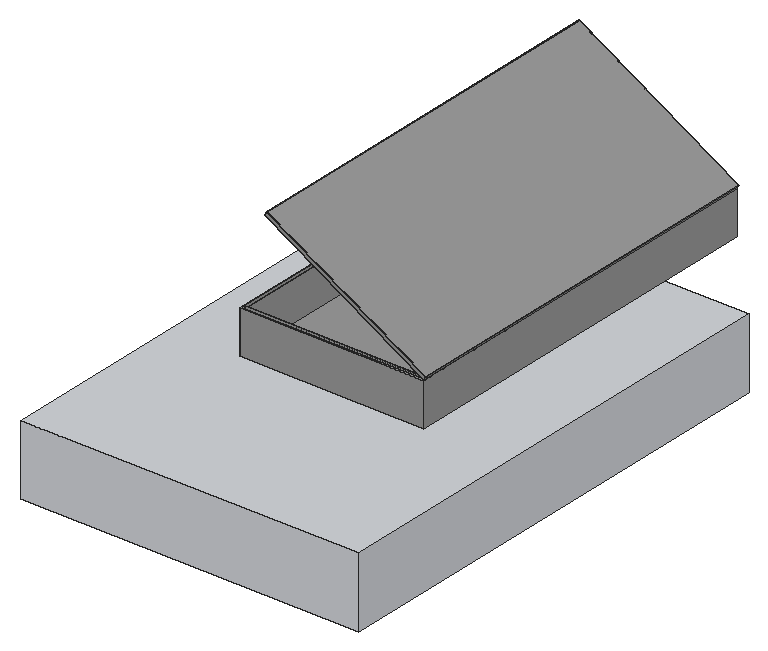
Revit family "Hager-Univers-IP44-D205-H1700-Cl.II-Encl-CH-fr", category Equipement électrique, Revit 2020
Family settings
  Hôte = Face
  Configuration du panneau = Deux colonnes, circuits au sein
  Cote de connecteur circulaire = Utiliser le diamètre
  Type d'élément = Tableau de raccordement
  Couper avec des vides une fois chargée = Non
  Partagée = Non
  Point de calcul de pièce = Non
Parameters (values of type "saillie IP44 L800 H1700 P205  - FP13SN2")
  Width Control [instance] = if([EF000008 - largeur] > Min Width, [EF000008 - largeur], Min Width)  # 800 mm
  Commentaires du type = [HG000003 - Gamme]  # "Univers"
  Thickness Door [instance] = if([EF009171 - épaisseur de matériau de la porte/du couvercle] > 3 mm, 3 mm, [EF009171 - épaisseur de matériau de la porte/du couvercle])  # 1 mm
  Seal Frame Offset [instance] = 17 mm  # constant formula
  Plinth Visibility [instance] = [HG000027 - Hauteur du socle] > 0 mm  # no
  Model = ""
  Min Width [instance] = 100 mm  # constant formula
  Min Height [instance] = 100 mm  # constant formula
  Min Depth [instance] = (2 * [EF009170 - épaisseur de matériau du boîtier]) + 1 mm  # 3 mm
  Internal Frame Depth [instance] = (Door System Depth * 0.5)  # 9 mm
  Height Control [instance] = if([EF000040 - hauteur] > Min Height, [EF000040 - hauteur], Min Height)  # 1700 mm
  HG000027 - Hauteur du socle = 0 mm
  HG000026 - Installation au sol = no
  HG000024 - Hauteur de la section basse = 800 mm
  HG000023 - Armoire double section = no
  HG000016 - Visibilité de la porte 3D [instance] = yes
  HG000015 - Visibilité de l'emprise de la porte [instance] = no
  HG000014 - Porte à droite [instance] = yes
  HG000013 - Porte à gauche [instance] = not([HG000014 - Porte à droite])  # no
  HG000012 - Angle de pivotement de la porte [instance] = 30.00°
  HG000010 - Portes asymétriques = no
  HG000009 - Porte à double battant = no
  HG000006 - Encastré = no
  HG000004 - Référence fabricant = "FP13SN2"
  HG000003 - Gamme = "Univers"
  HG000002 - avec porte = yes
  Frame Offset Bottom [instance] = 10 mm  # constant formula
  Frame Offset [instance] = 15 mm  # constant formula
  EF015940 - couvercle avec décharge de pression = no
  EF011959 - degré de protection (NEMA) = ""
  EF009554 - nombre d'ouvertures pour plaques à bride = 6
  Fabricant = "Hager"  # constant formula
  EF009212 - finition du couvercle = "EV000116 - fermé"
  EF009171 - épaisseur de matériau de la porte/du couvercle = 1 mm
  EF009170 - épaisseur de matériau du boîtier = 1 mm
  EF008873 - courant nominal (In) = 400 A
  EF007800 - adapté à un parafoudre = no
  EF006306 - avec serrure = no
  EF006244 - couvercle/porte transparent(e) = no
  EF005474 - indice de protection (IP) = "EV006418 - IP44"
  EF004464 - type de porte = "EV002646 - unique"
  EF004427 - nombre de modules = 396
  EF004293 - indice de protection contre les chocs (IK) = "EV006815 - IK09"
  EF003532 - convient pour utilisation à l’extérieur = no
  EF002950 - largeur en nombre de modules = 36
  EF001613 - maintien de fonction = "EV000494 - sans"
  EF001596 - matériau du boîtier/corps = "EV000179 - acier"
  EF001131 - profondeur intérieure = 143 mm
  EF001088 - possibilité de montage en saillie = yes
  EF000437 - nombre d'entrées de conduit = 6
  EF000339 - type de capot = "EV001012 - couvercle"
  EF000266 - nombre de rangées = 11
  EF000218 - profondeur d'encastrement = 205 mm
  EF000118 - avec cadre/support de montage = no
  EF000116 - numéro RAL = "9010"
  EF000049 - profondeur = 205 mm
  EF000040 - hauteur = 1700 mm
  EF000008 - largeur = 800 mm
  EF000007 - couleur = "EV000202 - blanc"
  EF000003 - mode de pose = "EV000384 - saillie"
  Door System Leaf Tolerance [instance] = 1.5 mm  # constant formula
  Door System Depth [instance] = 18 mm  # constant formula
  Door Height [instance] = Height Control - [HG000027 - Hauteur du socle]  # 1700 mm
  Depth Control [instance] = if([EF000049 - profondeur] > Min Depth, [EF000049 - profondeur], Min Depth)  # 205 mm
  Default Elevation = 0 mm
  Connector Offset [instance] = Height Control / 2  # 850 mm
  Bottom Top Plate Trim [instance] = 1.5 mm  # constant formula
  Plinth height Ctrl [instance] = if([HG000027 - Hauteur du socle] > 0 mm, [HG000027 - Hauteur du socle], 12 mm)  # 12 mm
Types (5, lengths in mm): name | Width Control | HG000010 - Portes asymétriques | HG000009 - Porte à double battant | HG000004 - Référence fabricant | EF009554 - nombre d'ouvertures pour plaques à bride | EF008873 - courant nominal (In) | EF004464 - type de porte | EF004427 - nombre de modules | EF002950 - largeur en nombre de modules | EF000437 - nombre d'entrées de conduit | EF000008 - largeur
  saillie IP44 L1050 H1700 P205  - FP14SN2 | 1050 | no | yes | "FP14SN2" | 8 | 400 A | "EV003602 - double" | 528 | 48 | 8 | 1050
  saillie IP44 L1300 H1700 P205  - FP15SN2 | 1300 | yes | yes | "FP15SN2" | 10 | 400 A | "EV003602 - double" | 660 | 60 | 10 | 1300
  saillie IP44 L300 H1700 P205  - FP11SN2 | 300 | no | no | "FP11SN2" | 2 | 250 A | "EV002646 - unique" | 132 | 12 | 2 | 300
  saillie IP44 L550 H1700 P205  - FP12SN2 | 550 | no | no | "FP12SN2" | 4 | 250 A | "EV002646 - unique" | 264 | 24 | 4 | 550
  saillie IP44 L800 H1700 P205  - FP13SN2 | 800 | no | no | "FP13SN2" | 6 | 400 A | "EV002646 - unique" | 396 | 36 | 6 | 800
Reference planes
  plane 1 "Center (Front/Back)": y = 0
  plane 2: z = 0
  plane 3 "Center (Left/Right)": x = 0
  plane 4: z = 205
  plane 5: y = 1
  plane 6: y = 850
  plane 7: y = 0
  plane 8: y = 1700
  plane 9: z = 0
  plane 10: x = -385
  plane 11: x = 385
  plane 12: x = 384
  plane 13: x = -384
  plane 14: y = 1699
  plane 15: x = -383
  plane 16: x = -400
  plane 17: x = 383
  plane 18: x = 400
  plane 19: x = 399
  plane 20: x = -399
  plane 21: y = 11
  plane 22: y = 1700
  plane 23: y = 1684
  plane 24: z = 187
  plane 25: z = 1
  plane 26: z = 186
  plane 27: z = 204
Forms (mm)
  Extrusion 1, solid
    sketch origin (0, 0, 0) x (1, 0, 0) y (0, 1, 0)
      loop
        line (-702.964, 1305) -> (-702.964, -811.445) -> (766.763, -811.445) -> (766.763, 1305) -> (-702.964, 1305)
    from 0 to -304.8
  Extrusion 2, solid, material "Hager_Steel_RAL7035_Light_Grey", visible <- "Plinth Visibility", detail levels medium+fine
    sketch origin (0, 0, 0) x (1, 0, 0) y (0, 1, 0)
      loop
        line (-400, 0) -> (400, 0) -> (400, 12) -> (-400, 12) -> (-400, 0)
    from 0 to 187
  Extrusion 3, solid, material "Hager_Steel_RAL7035_Light_Grey", detail levels medium+fine
    sketch origin (0, 0, 0) x (1, 0, 0) y (0, 1, 0)
      loop
        line (-400, 0) -> (400, 0) -> (400, 1700) -> (-400, 1700) -> (-400, 0)
    from 0 to 187
  Extrusion 4, void
    sketch origin (0, 0, 0) x (1, 0, 0) y (0, 1, 0)
      loop
        line (-399, 1) -> (399, 1) -> (399, 1699) -> (-399, 1699) -> (-399, 1)
    from 1 to 186
  Extrusion 5, void
    sketch origin (-381.607, -4572, 187) x (0, -1, 0) y (-1, 0, 0)
      loop
        line (-4583, 2.393) -> (-6256, 2.393) -> (-6256, -765.607) -> (-4583, -765.607) -> (-4583, 2.393)
    from 0 to 1 <- "EF009170 - épaisseur de matériau du boîtier"
  Extrusion 6, solid, material "Hager_Steel_RAL7035_Light_Grey", detail levels fine
    sketch origin (0, 0, 187) x (1, 0, 0) y (0, 1, 0)
      loop
        line (-384, 1684) -> (-384, 11) -> (384, 11) -> (384, 1684) -> (-384, 1684)
      loop
        line (-385, 10) -> (385, 10) -> (385, 1685) -> (-385, 1685) -> (-385, 10)
    from 0 to 9 <- "Internal Frame Depth"
  Extrusion 7, solid, material "Hager_Steel_RAL7035_Light_Grey", detail levels coarse
    sketch origin (0, 0, 0) x (1, 0, 0) y (0, 1, 0)
      loop
        line (-400, 0) -> (400, 0) -> (400, 1700) -> (-400, 1700) -> (-400, 0)
    from 0 to 205
  Sweep 8, void
    path in 3D
      loop
        line (-400, 12, 0) -> (400, 12, 0) -> (400, 12, 187) -> (-400, 12, 187) -> (-400, 12, 0)
    profile origin (-400, 12, 93.5) x (-1, 0, 0) y (0, -1, 0)
      loop
        line (0, 0) -> (0, 1.5) -> (-1.5, 1.5)
        arc (-1.5, 1.5) -> (-1.061, 0.439) -> (0, 0) r 1.5
Cuts and joins
  Extrusion 4, Extrusion 5 cuts Extrusion 3
  Sweep 8 cuts Extrusion 2
Lines and regions (mm)
  Masking region 1
    outline origin (0, 0, 0) x (1, 0, 0) y (0, 0, 1)
      loop
        line (-400, 205) -> (-400, 0) -> (400, 0) -> (400, 205) -> (-400, 205)
  Masking region 2, detail levels medium+fine
    outline origin (0, 140, 0) x (0, 1, 0) y (0, 0, 1)
      loop
        line (-140, 0) -> (1560, 0) -> (1560, 187) -> (-140, 187) -> (-140, 0)
  Masking region 3, not visible, detail levels medium+fine
    outline origin (0, 297.922, 0) x (0, 1, 0) y (0, 0, 1)
      loop
        line (563.578, 0) -> (603.578, 0) -> (603.578, 194)
        arc (603.578, 194) -> (600.649, 201.071) -> (593.578, 204) r 10
        line (593.578, 204) -> (563.578, 204) -> (563.578, 0)
  Masking region 4, detail levels coarse
    outline origin (0, 0, 180) x (0, 1, 0) y (0, 0, 1)
      loop
        line (0, -180) -> (1700, -180) -> (1700, 25) -> (0, 25) -> (0, -180)
  Masking region 5, visible <- "Plinth Visibility", detail levels medium+fine
    outline origin (0, 52.24, 12.345) x (0, 0, -1) y (0, 1, 0)
      loop
        line (10.845, -40.24) -> (-173.155, -40.24)
        arc (-173.155, -40.24) -> (-173.594, -41.301) -> (-174.655, -41.74) r 1.5
        line (-174.655, -41.74) -> (-174.655, -52.24) -> (12.345, -52.24) -> (12.345, -41.74)
        arc (12.345, -41.74) -> (11.285, -41.301) -> (10.845, -40.24) r 1.5
  Masking region 6, detail levels medium+fine
    outline origin (-381.607, -4572, 187) x (-1, 0, 0) y (0, -1, 0)
      loop
        line (18.393, -6272) -> (18.393, -4572) -> (-781.607, -4572) -> (-781.607, -6272) -> (18.393, -6272)
  Masking region 7, visible <- "Plinth Visibility", detail levels medium+fine
    outline origin (-381.607, -4727, 187) x (-1, 0, 0) y (0, -1, 0)
      loop
        arc (16.893, -4739) -> (17.332, -4737.939) -> (18.393, -4737.5) r 1.5
        line (18.393, -4737.5) -> (18.393, -4727) -> (-781.607, -4727) -> (-781.607, -4737.5)
        arc (-781.607, -4737.5) -> (-780.546, -4737.939) -> (-780.107, -4739) r 1.5
        line (-780.107, -4739) -> (16.893, -4739)
  Masking region 8, detail levels coarse
    outline origin (-442.548, -4669.526, 187) x (-1, 0, 0) y (0, -1, 0)
      loop
        line (-42.548, -6369.526) -> (-42.548, -4669.526) -> (-842.548, -4669.526) -> (-842.548, -6369.526) -> (-42.548, -6369.526)
  sketch lines
    curve 1: line (-400, 12, 187) -> (-400, 12, 0)
    curve 2: line (400, 12, 187) -> (-400, 12, 187)
    curve 3: line (400, 12, 187) -> (400, 12, 0)
    curve 4: line (-400, 12, 0) -> (400, 12, 0)
Dimensions and locks
  "Depth Control": plane 4 to Extrusion 1
  "HG000027 - Hauteur du socle": plane 1 "Center (Front/Back)" to plane 7
  "EF009170 - épaisseur de matériau du boîtier": plane 5 to plane 7
  locked: connector elem to plane 3 "Center (Left/Right)"
  equal spacing: plane 8, plane 6, plane 7
  locked: connector elem to plane 6
  "EF009170 - épaisseur de matériau du boîtier": plane 8 to plane 14
  "EF009170 - épaisseur de matériau du boîtier": plane 10 to plane 13
  "EF009170 - épaisseur de matériau du boîtier": plane 12 to plane 11
  "Frame Offset": plane 20 to plane 13
  "Frame Offset": plane 12 to plane 19
  "EF009170 - épaisseur de matériau du boîtier": plane 16 to plane 20
  "EF009170 - épaisseur de matériau du boîtier": plane 19 to plane 18
  "Seal Frame Offset": plane 16 to plane 15
  "Seal Frame Offset": plane 17 to plane 18
  "Frame Offset Bottom": plane 21 to plane 5
  "Frame Offset": plane 14 to plane 23
  equal spacing: plane 16, plane 3 "Center (Left/Right)", plane 18
  "Width Control": plane 16 to plane 18
  "EF009170 - épaisseur de matériau du boîtier": plane 4 to plane 27
  "EF009170 - épaisseur de matériau du boîtier": plane 24 to plane 26
  "EF009170 - épaisseur de matériau du boîtier": plane 25 to level
  "Door System Depth": plane 4 to plane 24
  "Height Control": plane 1 "Center (Front/Back)" to Extrusion 7 sketch curve
  "Height Control": Masking region 4 sketch curve to plane 1 "Center (Front/Back)"
  "Height Control": plane 1 "Center (Front/Back)" to plane 22
  "Bottom Top Plate Trim": profile plane to Sweep 8 sketch curve
  "Bottom Top Plate Trim": Sweep 8 sketch curve to profile plane
  "Plinth height Ctrl": plane 1 "Center (Front/Back)" to Extrusion 2 sketch curve
  "Plinth height Ctrl": Masking region 5 sketch curve to plane 1 "Center (Front/Back)"
  "Plinth height Ctrl": plane 1 "Center (Front/Back)" to Masking region 7 sketch curve
  "Thickness Door": Extrusion 6 sketch curve to Extrusion 6 sketch curve  (x3)
  "Thickness Door": cut or joined group of Extrusion 3, Extrusion 4, Extrusion 5 to Extrusion 6 sketch curve
  radius of Masking region 3 sketch curve = 10 mm
  "Bottom Top Plate Trim": radius of Masking region 5 sketch curve  (x2)
  "Bottom Top Plate Trim": radius of Sweep 8 sketch curve
  "Bottom Top Plate Trim": radius of Masking region 7 sketch curve  (x2)
  aligned and locked: plane 2 to Extrusion 1
  aligned and locked: level to Extrusion 1
  aligned and locked: level to Masking region 1 sketch curve
  aligned and locked: Masking region 1 sketch curve to plane 18
  aligned and locked: Masking region 1 sketch curve to plane 16
  aligned and locked: plane 7 to Masking region 2 sketch curve
  aligned and locked: level to Masking region 3 sketch curve
  aligned and locked: Masking region 3 sketch curve to plane 27
  aligned and locked: level to Masking region 2 sketch curve
  aligned and locked: plane 1 "Center (Front/Back)" to Extrusion 2 sketch curve
  aligned and locked: Extrusion 3 sketch curve to plane 7
  aligned and locked: plane 16 to Extrusion 3 sketch curve
  aligned and locked: plane 18 to Extrusion 3 sketch curve
  aligned and locked: plane 20 to Extrusion 4 sketch curve
  aligned and locked: plane 19 to Extrusion 4 sketch curve
  aligned and locked: Extrusion 4 sketch curve to plane 5
  aligned and locked: Extrusion 4 to plane 25
  aligned and locked: plane 26 to Extrusion 4
  aligned and locked: plane 24 to Extrusion 3
  aligned and locked: Extrusion 5 sketch curve to plane 21
  aligned and locked: Extrusion 5 sketch curve to plane 13
  aligned and locked: Extrusion 5 sketch curve to plane 12
  aligned and locked: plane 18 to Extrusion 7 sketch curve
  aligned and locked: plane 1 "Center (Front/Back)" to Extrusion 7 sketch curve
  aligned and locked: plane 16 to Extrusion 7 sketch curve
  aligned and locked: plane 4 to Extrusion 7
  aligned and locked: Extrusion 7 to level
  aligned and locked: level to Masking region 4 sketch curve
  aligned and locked: Masking region 4 sketch curve to plane 1 "Center (Front/Back)"
  aligned and locked: Masking region 4 sketch curve to plane 4
  aligned and locked: nested 1 to level
  aligned and locked: nested 1 to plane 16
  aligned and locked: plane 8 to Extrusion 3 sketch curve
  aligned and locked: plane 23 to Extrusion 5 sketch curve
  aligned and locked: plane 14 to Extrusion 4 sketch curve
  aligned and locked: Masking region 2 sketch curve to plane 8
  aligned and locked: level to Masking region 5 sketch curve
  aligned and locked: plane 16 to Extrusion 2 sketch curve
  aligned and locked: plane 18 to Extrusion 2 sketch curve
  aligned and locked: Masking region 5 sketch curve to plane 24
  aligned and locked: Masking region 2 sketch curve to plane 24
  aligned and locked: plane 24 to Extrusion 2
  aligned and locked: profile plane to Sweep 8 sketch curve  (x2)
  aligned and locked: Masking region 6 sketch curve to plane 18
  aligned and locked: Masking region 6 sketch curve to plane 22
  aligned and locked: Masking region 6 sketch curve to plane 16
  aligned and locked: plane 8 to plane 22
  aligned and locked: Masking region 6 sketch curve to plane 7
  aligned and locked: Masking region 7 sketch curve to plane 16
  aligned and locked: Masking region 7 sketch curve to plane 1 "Center (Front/Back)"
  aligned and locked: Masking region 7 sketch curve to plane 18
  aligned and locked: Masking region 8 sketch curve to plane 1 "Center (Front/Back)"
  aligned and locked: Masking region 8 sketch curve to plane 18
  aligned and locked: Masking region 8 sketch curve to plane 22
  aligned and locked: Masking region 8 sketch curve to plane 16
  aligned and locked: nested 2 to plane 7
  aligned and locked: plane 3 "Center (Left/Right)" to nested 2
  aligned and locked: nested 2 to plane 24
  aligned and locked: Extrusion 6 sketch curve to cut or joined group of Extrusion 3, Extrusion 4, Extrusion 5  (x4)
Automatic sketch dimensions
  Extrusion 1 sketch curve to Extrusion 1 sketch curve = 1469.727 mm
  Extrusion 1 sketch curve to Extrusion 1 sketch curve = 2116.445 mm
  Masking region 1 sketch curve to plane 4 = 0 mm
  plane 6 to Masking region 3 sketch curve = 11.5 mm
  Masking region 3 sketch curve to Masking region 3 sketch curve = 30 mm
  Masking region 5 sketch curve to plane 1 "Center (Front/Back)" = 0 mm
Nested families
  nested 1: "Hager_Enclosure_Symbol" at (-400, 0, 0) x (1, 0, 0) z (0, -1, 0), Height <- "Depth Control", Width <- "Width Control", type "Hager_Enclosure_Symbol"
    with Width_Ctrl 800 mm, Width 800 mm, Height_Ctrl 205 mm, Height 205 mm, A_Width_Int 13.453 mm, A_Width 161.438 mm, A_Height_Ctrl 179.375 mm, A_Height 179.375 mm
  nested 2: "EC000058_Univers_Door" at (0, 0, 187) x (1, 0, 0) z (0, 1, 0), Leaf_Tolerance <- "Door System Leaf Tolerance", Angle <- "HG000012 - Angle de pivotement de la porte", Door_Depth <- "Door System Depth", Door_Left <- "HG000013 - Porte à gauche", Transparent <- "EF006244 - couvercle/porte transparent(e)", Assymetrical <- "HG000010 - Portes asymétriques", Width <- "Width Control", Clearance <- "HG000015 - Visibilité de l'emprise de la porte", Double <- "HG000009 - Porte à double battant", 3d_Door <- "HG000016 - Visibilité de la porte 3D", Lock_Visibility <- "EF006306 - avec serrure", Width_Ctrl <- "Width Control", Door_Right <- "HG000014 - Porte à droite", Door <- "HG000002 - avec porte", Height <- "Door Height", Thickness <- "Thickness Door", type "EC000058_Univers_Door", detail levels medium+fine
    with min_wh 3 mm, Width_Ctrl 800 mm, Width 800 mm, Transparent no, Thickness 1 mm, Seal_Material Hager_Rubber, Lock_Visibility no, Lock_Material Hager_Plastic_RAL9005_Jet_Black, Leaf_Width 800 mm, Leaf_Tolerance_External_Sides 0 mm, Leaf_Tolerance 1.5 mm, Leaf_Offset 0 mm, Leaf_Height 1697 mm, Leaf_2_Width 800 mm, Leaf_2_Offset 400 mm, Leaf_1_Width 800 mm, Leaf_1_Offset 400 mm, Height_Ctrl 1700 mm, Height 1700 mm, Glass_Material Hager_Glass, Double_Clearance_Ctrl no, Double no, Door_Right_Ctrl yes, Door_Right yes, Door_Material Hager_Steel_RAL7035_Light_Grey, Door_Left_Ctrl no, Door_Left no, Door_Depth 18 mm, Door yes, Clearance_Material Hager_Clearance, Clearance_Depth 800 mm, Clearance_Ctrl no, Clearance no, Assymetrical no, Angle 30.00°, 3d_Door yes
Connectors
  electrical at (0, 850, 0)
    settings: on plane 9, index 1, voltage 0 V, apparent load 0 VA, apparent load phase1 0 VA, apparent load phase2 0 VA, apparent load phase3 0 VA, power factor 1, load classification "Other", number of poles 1, system type 30, power factor state 1, is connector primary yes, connector utility no, sub classification motor no, connector description ""
Definition of nested family "EC000058_Univers_Door"
  Parameters (values of type "EC000058_Univers_Door")
    min_wh [instance] = (2 * Thickness) + 1 mm  # 11 mm
    Width_Ctrl [instance] = 400 mm
    Width [instance] = 500 mm
    Transparent [instance] = yes
    Thickness [instance] = 5 mm
    Seal_Material [instance] = none
    Lock_Visibility [instance] = yes
    Lock_Material [instance] = none
    Leaf_Width [instance] = if((Width_Ctrl - 2 * Leaf_Tolerance_External_Sides) > 0 mm, (Width_Ctrl - 2 * Leaf_Tolerance_External_Sides), min_wh)  # 400 mm
    Leaf_Tolerance_External_Sides [instance] = 0 mm  # constant formula
    Leaf_Tolerance [instance] = 1.5 mm
    Leaf_Offset [instance] = 0 mm  # constant formula
    Leaf_Height [instance] = if((Height_Ctrl - 2 * Leaf_Tolerance) > 0 mm, (Height_Ctrl - 2 * Leaf_Tolerance), min_wh)  # 497 mm
    Leaf_2_Width [instance] = if(and(and(Double, Assymetrical), Door_Left), (Leaf_Width / 3) - (Leaf_Tolerance / 2), if(and(and(Double, Assymetrical), Door_Right), (Leaf_Width / 3) * 2 - (Leaf_Tolerance / 2), if(and(Double, not(Assymetrical)), (Leaf_Width / 2) - Leaf_Tolerance, Leaf_Width)))  # 400 mm
    Leaf_2_Offset [instance] = if(and(Double, Assymetrical), Leaf_2_Width / 2, if(and(Double, not(Assymetrical)), Leaf_Width / 4, Leaf_Width / 2))  # 200 mm
    Leaf_1_Width [instance] = if(and(and(Double, Assymetrical), Door_Right), (Leaf_Width / 3) - (Leaf_Tolerance / 2), if(and(and(Double, Assymetrical), Door_Left), (Width / 3) * 2 - (Leaf_Tolerance / 2), if(and(Double, not(Assymetrical)), (Leaf_Width / 2) - Leaf_Tolerance, Leaf_Width)))  # 400 mm
    Leaf_1_Offset [instance] = if(and(Double, Assymetrical), Leaf_1_Width / 2, if(and(Double, not(Assymetrical)), Leaf_Width / 4, Leaf_Width / 2))  # 200 mm
    Height_Ctrl [instance] = if(Height > min_wh, Height, min_wh)  # 500 mm
    Height [instance] = 500 mm
    Glass_Material [instance] = none
    Double_Clearance_Ctrl [instance] = and(Double, Clearance)  # no
    Double [instance] = no
    Door_Right_Ctrl [instance] = and(or(Door_Right, Double), Door)  # yes
    Door_Right [instance] = yes
    Door_Material [instance] = none
    Door_Left_Ctrl [instance] = and(or(Door_Left, Double), Door)  # no
    Door_Left [instance] = no
    Door_Depth [instance] = 30 mm
    Door [instance] = yes
    Default Elevation = 1219.2 mm
    Clearance_Material [instance] = none
    Clearance_Depth [instance] = if(Leaf_1_Width > Leaf_2_Width, Leaf_1_Width, Leaf_2_Width)  # 400 mm
    Clearance_Ctrl [instance] = and(not(Double), Clearance)  # yes
    Clearance [instance] = yes
    Assymetrical [instance] = yes
    Angle [instance] = 30.00°
    3d_Door [instance] = yes
  Reference planes
    plane 1 "Center (Front/Back)": y = 0
    plane 2 "Bottom": z = 0
    plane 3 "Center (Left/Right)": x = 0
    plane 4: z = 500
    plane 5: x = -200
    plane 6: x = 200
    plane 7: z = 500
    plane 8: x = -200
    plane 9: z = 0
    plane 10: x = 200
    plane 11: y = 0
    plane 12: z = 1.5
    plane 13: x = -600
    plane 14: y = -400
    plane 15: x = 600
    plane 16: x = 0
    plane 17: x = 0
    plane 18: x = -200
    plane 19: x = 200
    plane 20: z = 498.5
  Forms (mm)
    Extrusion 1, solid, material <- "Clearance_Material", visible <- "Double_Clearance_Ctrl"
      sketch origin (1200, 0, 0) x (1, 0, 0) y (0, 0, -1)
        loop
          line (-1800, -498.5) -> (-600, -498.5) -> (-600, 0) -> (-1800, 0) -> (-1800, -498.5)
      from 0 to -400
  Dimensions and locks
    equal spacing: plane 5, plane 3 "Center (Left/Right)", plane 6
    "Width_Ctrl": plane 5 to plane 6
    "Leaf_Offset": plane 5 to plane 8
    "Leaf_Offset": plane 6 to plane 10
    "Leaf_Offset": plane 9 to level
    "Leaf_Offset": plane 4 to plane 7
    "Height_Ctrl": plane 4 to level
    "Leaf_Tolerance": plane 12 to plane 9
    locked: plane 11 to plane 1 "Center (Front/Back)"
    "Leaf_1_Offset": plane 18 to plane 16
    "Leaf_2_Offset": plane 17 to plane 19
    "Leaf_1_Width": plane 13 to plane 8
    "Leaf_2_Width": plane 10 to plane 15
    "Clearance_Depth": plane 14 to plane 1 "Center (Front/Back)"
    "Leaf_Tolerance_External_Sides": plane 8 to plane 18
    "Leaf_Tolerance_External_Sides": plane 19 to plane 10
    "Leaf_Tolerance": plane 7 to plane 20
    aligned and locked: level to plane 2 "Bottom"
    aligned and locked: nested 1 to plane 16
    aligned and locked: nested 2 to plane 17
    aligned and locked: Extrusion 1 to plane 13
    aligned and locked: plane 15 to Extrusion 1
    aligned and locked: Extrusion 1 to plane 14
    aligned and locked: plane 12 to nested 1
    aligned and locked: nested 2 to plane 12
    aligned and locked: Extrusion 1 to plane 11
    aligned and locked: plane 20 to Extrusion 1
    aligned and locked: nested 2 to plane 11
    aligned and locked: nested 1 to plane 11
  Automatic sketch dimensions
    Extrusion 1 sketch curve to level = 0 mm
    plane 5 to Extrusion 1 sketch curve = 400 mm
    plane 6 to Extrusion 1 sketch curve = 400 mm
    Extrusion 1 sketch curve to plane 4 = 1.5 mm
  Nested families
    nested 1: "EC000058_Univers_Door_Leaf" at (0, 0, 1.5), Width <- "Leaf_1_Width", visible <- "Door_Left_Ctrl", Leaf_Height <- "Leaf_Height", Angle <- "Angle", 3d_Door <- "3d_Door", Transparent <- "Transparent", Clearance Material <- "Clearance_Material", Clearance <- "Clearance_Ctrl", Door_Material <- "Door_Material", Glass_Material <- "Glass_Material", Door_Depth <- "Door_Depth", Lock_Material <- "Lock_Material", Seal_Material <- "Seal_Material", Lock_Visibility <- "Lock_Visibility", Thickness <- "Thickness", type "EC000058_Univers_Door_Leaf"
      with Width 400 mm, Transparent_Glass_Offset 30 mm, Transparent_Ctrl yes, Transparent yes, Thickness 5 mm, Standard no, Seal_Material none, Seal_D2 8 mm, Seal_D1 1 mm, Offset_Internal_Frame 10 mm, Lock_Width 20 mm, Lock_Visibility_3d yes, Lock_Visibility yes, Lock_Thickness_3 3 mm, Lock_Thickness_2 1 mm, Lock_Thickness_1 3 mm, Lock_Radius_Offset_2 16 mm, Lock_Radius_Offset_1 15 mm, Lock_Radius_2 5 mm, Lock_Radius 6 mm, Lock_Offset 5 mm, Lock_Material none, Lock_Height 80 mm, Lock_Cover_Top_Offset_2d 17 mm, Lock_Cover_Height -65 mm, Leaf_Height 497 mm, Internal_Seal_Thickness 8 mm, Internal_Seal_Depth_2 4.5 mm, Internal_Frame_Depth 25 mm, Glass_Thickness -1 mm, Glass_Offset -2 mm, Glass_Material none, Door_Material none, Door_Depth 30 mm, Clearance Material none, Clearance yes, Angle_Ctrl 30.00°, Angle 30.00°, 3d_Door yes
    nested 2: "EC000058_Univers_Door_Leaf" at (0, 0, 1.5) x (-1, 0, 0) z (0, 0, 1), Width <- "Leaf_2_Width", visible <- "Door_Right_Ctrl", Leaf_Height <- "Leaf_Height", Angle <- "Angle", 3d_Door <- "3d_Door", Transparent <- "Transparent", Clearance Material <- "Clearance_Material", Clearance <- "Clearance_Ctrl", Door_Material <- "Door_Material", Glass_Material <- "Glass_Material", Door_Depth <- "Door_Depth", Lock_Material <- "Lock_Material", Seal_Material <- "Seal_Material", Lock_Visibility <- "Lock_Visibility", Thickness <- "Thickness", type "EC000058_Univers_Door_Leaf"
      with Width 400 mm, Transparent_Glass_Offset 30 mm, Transparent_Ctrl yes, Transparent yes, Thickness 5 mm, Standard no, Seal_Material none, Seal_D2 8 mm, Seal_D1 1 mm, Offset_Internal_Frame 10 mm, Lock_Width 20 mm, Lock_Visibility_3d yes, Lock_Visibility yes, Lock_Thickness_3 3 mm, Lock_Thickness_2 1 mm, Lock_Thickness_1 3 mm, Lock_Radius_Offset_2 16 mm, Lock_Radius_Offset_1 15 mm, Lock_Radius_2 5 mm, Lock_Radius 6 mm, Lock_Offset 5 mm, Lock_Material none, Lock_Height 80 mm, Lock_Cover_Top_Offset_2d 17 mm, Lock_Cover_Height -65 mm, Leaf_Height 497 mm, Internal_Seal_Thickness 8 mm, Internal_Seal_Depth_2 4.5 mm, Internal_Frame_Depth 25 mm, Glass_Thickness -1 mm, Glass_Offset -2 mm, Glass_Material none, Door_Material none, Door_Depth 30 mm, Clearance Material none, Clearance yes, Angle_Ctrl 30.00°, Angle 30.00°, 3d_Door yes
  Definition of nested family "EC000058_Univers_Door_Leaf"
    Parameters (values of type "EC000058_Univers_Door_Leaf")
      Width [instance] = 2000 mm
      Transparent_Glass_Offset [instance] = 30 mm
      Transparent_Ctrl [instance] = and(Transparent, [3d_Door])  # yes
      Transparent [instance] = yes
      Thickness [instance] = 5 mm
      Standard [instance] = and(not(Transparent), [3d_Door])  # no
      Seal_Material [instance] = none
      Seal_D2 [instance] = 8 mm  # constant formula
      Seal_D1 [instance] = 1 mm  # constant formula
      Offset_Internal_Frame [instance] = 10 mm  # constant formula
      Lock_Width [instance] = 20 mm  # constant formula
      Lock_Visibility_3d [instance] = and(Lock_Visibility, [3d_Door])  # yes
      Lock_Visibility [instance] = yes
      Lock_Thickness_3 [instance] = 3 mm  # constant formula
      Lock_Thickness_2 [instance] = 1 mm  # constant formula
      Lock_Thickness_1 [instance] = 3 mm  # constant formula
      Lock_Radius_Offset_2 [instance] = Lock_Radius_Offset_1 + 1 mm  # 16 mm
      Lock_Radius_Offset_1 [instance] = 15 mm  # constant formula
      Lock_Radius_2 [instance] = Lock_Radius - 1 mm  # 5 mm
      Lock_Radius [instance] = 6 mm  # constant formula
      Lock_Offset [instance] = 5 mm  # constant formula
      Lock_Material [instance] = none
      Lock_Height [instance] = 80 mm  # constant formula
      Lock_Cover_Top_Offset_2d [instance] = Lock_Radius_Offset_2 + 1 mm  # 17 mm
      Lock_Cover_Height [instance] = -(Lock_Height - Lock_Radius_Offset_1)  # -65 mm
      Leaf_Height [instance] = 2720.336 mm
      Internal_Seal_Thickness [instance] = 8 mm  # constant formula
      Internal_Seal_Depth_2 [instance] = 4.5 mm  # constant formula
      Internal_Frame_Depth [instance] = if(Door_Depth - Thickness > 5 mm, Door_Depth - Thickness, 5 mm)  # 25 mm
      Glass_Thickness [instance] = if(Thickness > 15 mm, Glass_Offset + 10 mm, -1 mm)  # -1 mm
      Glass_Offset [instance] = if(Thickness > 15 mm, -(Thickness + 10 mm) / 2, -2 mm)  # -2 mm
      Glass_Material [instance] = none
      Door_Material [instance] = none
      Door_Depth [instance] = 30 mm
      Default Elevation = 0 mm
      Clearance Material [instance] = none
      Clearance [instance] = yes
      Angle_Ctrl [instance] = if(Angle > 180.00°, 180.00°, Angle)  # 90.00°
      Angle [instance] = 90.00°
      3d_Door [instance] = yes
    Reference planes
      plane 1 "Center (Front/Back)": y = 0
      plane 2: z = 0
      plane 3 "Center (Left/Right)": x = 0
      plane 4: y = 2000
      plane 5: x = -1000
      plane 6: x = 1000
      plane 7: x = -3000
      plane 8: z = 2720.336
      plane 9: z = 30
      plane 10: z = 2690.336
      plane 11: x = 970
      plane 12: x = -970
      plane 13: y = -3
      plane 14: z = 107.833
      plane 15: y = -5
      plane 16: y = -223.314
      plane 17: x = -1000
      plane 18: z = 1360.168
      plane 19: y = 30
    Forms (mm)
      Extrusion 1, solid, material <- "Clearance Material", visible <- "Clearance"
        sketch origin (0, 0, 0) x (1, 0, 0) y (0, 0, 1)
          loop
            line (-3000, 2720.336) -> (-3000, 0) -> (1000, 0) -> (1000, 2720.336) -> (-3000, 2720.336)
        from 0 to -2000
      Extrusion 2, solid, material <- "Door_Material", visible <- "Standard", detail levels medium+fine
        sketch origin (-1000, 0, 0) x (0, 1, 0) y (-1, 0, 0)
          loop
            line (0, 30) -> (0, 25) -> (2000, 25) -> (2000, 30) -> (0, 30)
        from 0 to 2720.336 <- "Leaf_Height"
      Extrusion 3, solid, material <- "Door_Material", visible <- "Transparent_Ctrl", detail levels medium+fine
        sketch origin (-1000, 0, 0) x (0, 1, 0) y (-1, 0, 0)
          loop
            line (0, 25) -> (2000, 25) -> (2000, 30) -> (0, 30) -> (0, 25)
        from 0 to 2720.336 <- "Leaf_Height"
      Extrusion 4, void
        sketch origin (-1025, 2000, 0) x (0, 1, 0) y (0, 0, -1)
          loop
            line (-30, -2690.336) -> (-30, -30) -> (-1970, -30) -> (-1970, -2690.336) -> (-30, -2690.336)
        from 0 to 5 <- "Thickness"
      Sweep 5, solid, material <- "Seal_Material", visible <- "Transparent_Ctrl", detail levels fine
        path in 3D
          loop
            line (-1025, 30, 30) -> (-1025, 30, 2690.336) -> (-1025, 1970, 2690.336) -> (-1025, 1970, 30) -> (-1025, 30, 30)
        profile origin (-1025, 1000, 30) x (1, 0, 0) y (0, 0, 1)
          loop
            line (0, 0) -> (0, -8) -> (1, -8) -> (1, 0) -> (0, 0)
      Extrusion 6, solid, material <- "Glass_Material", visible <- "Transparent_Ctrl", detail levels medium+fine
        sketch origin (-1030, 0, 0) x (0, 1, 0) y (0, 0, -1)
          loop
            line (1970, -2690.336) -> (1970, -30) -> (30, -30) -> (30, -2690.336) -> (1970, -2690.336)
        from -2 <- "Glass_Offset" to -1 <- "Glass_Thickness"
      Extrusion 7, solid, material <- "Door_Material", visible <- "3d_Door", detail levels medium+fine
        sketch origin (-1025, 2000, 0) x (0, -1, 0) y (0, 0, -1)
          loop
            line (0, -2720.336) -> (2000, -2720.336) -> (2000, 0) -> (0, 0) -> (0, -2720.336)
          loop
            line (1995, -5) -> (5, -5) -> (5, -2715.336) -> (1995, -2715.336) -> (1995, -5)
        from 0 to 25 <- "Internal_Frame_Depth"
      Sweep 8, solid, material <- "Seal_Material", visible <- "Transparent_Ctrl", detail levels fine
        path in 3D
          loop
            line (-1025, 0, 0) -> (-1025, 2000, 0) -> (-1025, 2000, 2720.336) -> (-1025, 0, 2720.336) -> (-1025, 0, 0)
        profile origin (-1025, 0, 1360.168) x (1, 0, 0) y (0, 1, 0)
          loop
            line (0, 10) -> (2.975, 10)
            arc (2.975, 10) -> (4.053, 10.447) -> (4.5, 11.525) r 1.525
            line (4.5, 11.525) -> (4.5, 16.527)
            arc (4.5, 16.527) -> (4.069, 17.569) -> (3.027, 18) r 1.473
            line (3.027, 18) -> (0, 18) -> (0, 10)
      Extrusion 9, solid, material <- "Lock_Material", visible <- "Lock_Visibility_3d", detail levels fine
        sketch origin (-1030, 0, 0) x (0, 1, 0) y (0, 0, -1)
          loop
            arc (1993.5, -1400.168) -> (1994.561, -1399.729) -> (1995, -1398.668) r 1.5
            line (1995, -1398.668) -> (1995, -1320.168) -> (1975, -1320.168) -> (1975, -1398.668)
            arc (1975, -1398.668) -> (1975.439, -1399.729) -> (1976.5, -1400.168) r 1.5
            line (1976.5, -1400.168) -> (1993.5, -1400.168)
        from 3 <- "Lock_Thickness_1" to 0
      Blend 10, solid, material <- "Lock_Material", visible <- "Lock_Visibility_3d", detail levels fine
        base sketch origin (-1033, 0, 0) x (0, 1, 0) y (0, 0, -1)
          loop
            line (1975, -1320.168) -> (1975, -1398.668)
            arc (1975, -1398.668) -> (1975.439, -1399.729) -> (1976.5, -1400.168) r 1.5
            line (1976.5, -1400.168) -> (1993.5, -1400.168)
            arc (1993.5, -1400.168) -> (1994.561, -1399.729) -> (1995, -1398.668) r 1.5
            line (1995, -1398.668) -> (1995, -1320.168) -> (1975, -1320.168)
        top sketch origin (-1033, 0, 0) x (0, 1, 0) y (0, 0, -1)
          loop
            line (1976, -1320.168) -> (1976, -1398.668)
            arc (1976, -1398.668) -> (1976.146, -1399.022) -> (1976.5, -1399.168) r 0.5
            line (1976.5, -1399.168) -> (1993.5, -1399.168)
            arc (1993.5, -1399.168) -> (1993.854, -1399.022) -> (1994, -1398.668) r 0.5
            line (1994, -1398.668) -> (1994, -1320.168) -> (1976, -1320.168)
        from 0 to 1 <- "Lock_Thickness_2"
      Blend 11, solid, material <- "Lock_Material", visible <- "Lock_Visibility_3d", detail levels fine
        base sketch origin (-1034, 0, 0) x (0, 1, 0) y (0, 0, -1)
          loop
            line (1978, -1320.168) -> (1978, -1384.168)
            arc (1978, -1384.168) -> (1985, -1391.168) -> (1992, -1384.168) r 7
            line (1992, -1384.168) -> (1992, -1320.168) -> (1978, -1320.168)
        top sketch origin (-1034, 0, 0) x (0, 1, 0) y (0, 0, -1)
          loop
            line (1991, -1320.168) -> (1979, -1320.168) -> (1979, -1383.168)
            arc (1979, -1383.168) -> (1985, -1389.168) -> (1991, -1383.168) r 6
            line (1991, -1383.168) -> (1991, -1320.168)
        from 0 to 3 <- "Lock_Thickness_3"
      Extrusion 12, solid, material <- "Lock_Material", visible <- "Lock_Visibility_3d", detail levels fine
        sketch origin (-1030, 1975, 1320.168) x (1, 0, 0) y (0, -1, 0)
          loop
            line (-7, -19) -> (-7, -1) -> (0, -1) -> (0, 0) -> (-8, 0) -> (-8, -20) -> (0, -20) -> (0, -19) -> (-7, -19)
        from 0 to -65 <- "Lock_Cover_Height"
      Extrusion 13, void
        sketch origin (-1038, 1995, 1320.168) x (-1, 0, 0) y (0, 0, -1)
          loop
            line (-5, -65) -> (0, -65) -> (-5, -60) -> (-5, -65)
        from 0 to 20 <- "Lock_Width"
      Extrusion 14, void
        sketch origin (-1038, 1975, 1320.168) x (0, -1, 0) y (0, 0, -1)
          loop
            circle (-10, -15.995) r 6
          loop
            circle (-10, -15.995) r 5
        from 0 to 2
      Extrusion 15, solid, material <- "Lock_Material", visible <- "Lock_Visibility_3d", detail levels medium
        sketch origin (-1030, 0, 0) x (0, 1, 0) y (0, 0, -1)
          loop
            arc (1993.5, -1400.168) -> (1994.561, -1399.729) -> (1995, -1398.668) r 1.5
            line (1995, -1398.668) -> (1995, -1320.168) -> (1975, -1320.168) -> (1975, -1398.668)
            arc (1975, -1398.668) -> (1975.439, -1399.729) -> (1976.5, -1400.168) r 1.5
            line (1976.5, -1400.168) -> (1993.5, -1400.168)
        from 8 to 0
    Cuts and joins
      Extrusion 4 cuts Extrusion 3
      Extrusion 13, Extrusion 14 cuts Extrusion 9
      Extrusion 14 cuts Blend 11
      Extrusion 13, Extrusion 14 cuts Extrusion 12
      joined: Extrusion 9, Blend 10, Blend 11, Extrusion 12
      Extrusion 14 cuts Extrusion 15
    Lines and regions (mm)
      Masking region 1, visible <- "Lock_Visibility", detail levels fine
        outline origin (0, 0, 0) x (0, 1, 0) y (0, 0, 1)
          loop
            line (30, 1320.168) -> (33, 1320.168) -> (33, 1400.168) -> (30, 1400.168) -> (30, 1320.168)
      Masking region 2, visible <- "Lock_Visibility", detail levels fine
        outline origin (0, 3.143, 0) x (0, 1, 0) y (0, 0, 1)
          loop
            line (29.857, 1354.168) -> (30.857, 1354.168) -> (30.857, 1366.168) -> (29.857, 1366.168) -> (29.857, 1354.168)
      Masking region 3, detail levels medium+fine
        outline origin (0, 0, 0) x (0, 1, 0) y (0, 0, 1)
          loop
            line (0, 0) -> (30, 0) -> (30, 2720.336) -> (0, 2720.336) -> (0, 0)
      Masking region 4, detail levels medium+fine
        outline origin (0, 0, 0) x (1, 0, 0) y (0, 0, 1)
          loop
            line (-1000, 2720.336) -> (-1000, 0) -> (1000, 0) -> (1000, 2720.336) -> (-1000, 2720.336)
      Masking region 5, visible <- "Lock_Visibility", detail levels fine
        outline origin (-47.116, 0, 0) x (1, 0, 0) y (0, 0, 1)
          loop
            arc (1024.616, 1399.168) -> (1023.556, 1398.729) -> (1023.116, 1397.668) r 1.5
            line (1023.116, 1397.668) -> (1023.116, 1320.168) -> (1041.116, 1320.168) -> (1041.116, 1397.668)
            arc (1041.116, 1397.668) -> (1040.677, 1398.729) -> (1039.616, 1399.168) r 1.5
            line (1039.616, 1399.168) -> (1024.616, 1399.168)
      Masking region 6, visible <- "Lock_Visibility", detail levels medium+fine
        outline origin (-25, 0, 0) x (1, 0, 0) y (0, 0, 1)
          loop
            arc (1001.5, 1400.168) -> (1000.439, 1399.729) -> (1000, 1398.668) r 1.5
            line (1000, 1398.668) -> (1000, 1320.168) -> (1020, 1320.168) -> (1020, 1398.668)
            arc (1020, 1398.668) -> (1019.561, 1399.729) -> (1018.5, 1400.168) r 1.5
            line (1018.5, 1400.168) -> (1001.5, 1400.168)
      Masking region 7, visible <- "Lock_Visibility", detail levels fine
        outline origin (-73.735, 0, 0) x (1, 0, 0) y (0, 0, 1)
          loop
            line (1051.735, 1382.168) -> (1065.735, 1382.168) -> (1065.735, 1384.168)
            arc (1065.735, 1384.168) -> (1058.735, 1391.168) -> (1051.735, 1384.168) r 7
            line (1051.735, 1384.168) -> (1051.735, 1382.168)
      Masking region 8, visible <- "Lock_Visibility", detail levels fine
        outline origin (-73.735, 0, 0) x (1, 0, 0) y (0, 0, 1)
          loop
            line (1052.735, 1382.168) -> (1064.735, 1382.168) -> (1064.735, 1383.168)
            arc (1064.735, 1383.168) -> (1058.735, 1389.168) -> (1052.735, 1383.168) r 6
            line (1052.735, 1383.168) -> (1052.735, 1382.168)
      Masking region 9, visible <- "Lock_Visibility", detail levels fine
        outline origin (-25, 0, 0) x (1, 0, 0) y (0, 0, 1)
          loop
            line (1020, 1320.168) -> (1020, 1382.168) -> (1000, 1382.168) -> (1000, 1320.168) -> (1020, 1320.168)
      Masking region 10, detail levels medium+fine
        outline origin (0, 0, 0) x (1, 0, 0) y (0, 0, 1)
          loop
            circle (985, 1335.144) r 6
      Masking region 11, detail levels fine
        outline origin (0, 0, 0) x (1, 0, 0) y (0, 0, 1)
          loop
            circle (985, 1335.144) r 5
      Masking region 12, visible <- "Lock_Visibility", detail levels fine
        outline origin (0, 12.767, 0) x (0, 1, 0) y (0, 0, 1)
          loop
            line (20.233, 1320.168) -> (21.233, 1320.168) -> (21.233, 1399.168) -> (20.233, 1400.168) -> (20.233, 1320.168)
      Masking region 13, visible <- "Lock_Visibility", detail levels fine
        outline origin (0, 13.767, -10) x (0, 1, 0) y (0, 0, 1)
          loop
            line (20.233, 1330.168) -> (23.233, 1330.168) -> (23.233, 1399.168) -> (20.233, 1402.168) -> (20.233, 1330.168)
      Masking region 14, visible <- "Lock_Visibility", detail levels fine
        outline origin (0, 12.767, -10) x (0, 1, 0) y (0, 0, 1)
          loop
            line (20.233, 1330.168) -> (25.233, 1330.168) -> (25.233, 1399.305) -> (20.233, 1394.305) -> (20.233, 1330.168)
      Masking region 15, visible <- "Lock_Visibility", detail levels medium
        outline origin (0, 0, 0) x (0, 1, 0) y (0, 0, 1)
          loop
            line (30, 1320.168) -> (38, 1320.168) -> (38, 1400.168) -> (30, 1400.168) -> (30, 1320.168)
      Masking region 16, visible <- "Lock_Visibility", detail levels fine
        outline origin (-1000, 0, 0) x (0, 1, 0) y (-1, 0, 0)
          loop
            line (1975, 30) -> (1995, 30) -> (1995, 38) -> (1975, 38) -> (1975, 30)
          loop
            line (1979, 37) -> (1976, 37) -> (1976, 34) -> (1978, 34) -> (1979, 37)
          loop
            line (1994, 37) -> (1991, 37) -> (1992, 34) -> (1994, 34) -> (1994, 37)
      Masking region 17, visible <- "Lock_Visibility", detail levels medium
        outline origin (-1000, 0, 0) x (0, 1, 0) y (-1, 0, 0)
          loop
            line (1975, 30) -> (1995, 30) -> (1995, 38) -> (1975, 38) -> (1975, 30)
      symbolic lines
        curve 1: line (1000, 0, 0) -> (-3000, 0, 0)
        curve 2: arc (1000, 0, 0) -> (-1000, 2000, 0) -> (-3000, 0, 0) r 2000
        curve 4: line (-1030, 0, 0) -> (-1030, 2000, 0)
      reference lines
        curve 3: line (-1000, 0, 0) -> (-1000, 2000, 0)
      symbolic lines, detail levels medium+fine
        curve 5: line (-1030, 2000, 0) -> (-1025, 2000, 0)
        curve 7: line (-1025, 0, 0) -> (-1030, 0, 0)
        curve 8: line (-1025, 0, 0) -> (-1000, 0, 0)
        curve 9: line (-1000, 0, 0) -> (-1000, 2000, 0)
        curve 10: line (-1000, 2000, 0) -> (-1025, 2000, 0)
      symbolic lines, detail levels fine
        curve 6: line (-1025, 2000, 0) -> (-1025, 0, 0)
      sketch lines
        curve 11: line (-1025, 0, 2720.336) -> (-1025, 0, 0)
        curve 12: line (-1025, 2000, 0) -> (-1025, 0, 0)
        curve 13: line (-1025, 2000, 2720.336) -> (-1025, 2000, 0)
        curve 14: line (-1025, 0, 2720.336) -> (-1025, 2000, 2720.336)
        curve 15: line (-1025, 1970, 30) -> (-1025, 30, 30)
        curve 16: line (-1025, 30, 30) -> (-1025, 30, 2690.336)
        curve 17: line (-1025, 1970, 2690.336) -> (-1025, 1970, 30)
        curve 18: line (-1025, 30, 2690.336) -> (-1025, 1970, 2690.336)
      symbolic lines, visible <- "Transparent", detail levels medium+fine
        curve 19: line (-970, 0, 2690.336) -> (970, 0, 2690.336)
        curve 20: line (-970, 0, 30) -> (-970, 0, 2690.336)
        curve 21: line (970, 0, 30) -> (-970, 0, 30)
        curve 22: line (970, 0, 2690.336) -> (970, 0, 30)
    Dimensions and locks
      "Width": plane 1 "Center (Front/Back)" to plane 4
      equal spacing: plane 5, plane 3 "Center (Left/Right)", plane 6
      "Width": plane 5 to plane 6
      "Width": plane 7 to plane 5
      "Leaf_Height": plane 8 to level
      "Width": curve 5 to curve 3
      "Width": curve 3 to curve 3
      plane 8 to plane 10 = 30 mm
      plane 9 to level = 30 mm
      plane 12 to plane 5 = 30 mm
      plane 6 to plane 11 = 30 mm
      Extrusion 1 to Extrusion 4 sketch curve = 30 mm
      "Transparent_Glass_Offset": curve 3 to Extrusion 4 sketch curve
      "Transparent_Glass_Offset": Extrusion 4 sketch curve to cut or joined group of Extrusion 3, Extrusion 4  (x2)
      cut or joined group of Extrusion 3, Extrusion 4 to Extrusion 6 sketch curve = 30 mm
      "Transparent_Glass_Offset": cut or joined group of Extrusion 3, Extrusion 4 to Extrusion 4 sketch curve
      "Thickness": curve 6 to curve 4
      "Thickness": Extrusion 7 sketch curve to Extrusion 7 sketch curve  (x4)
      "Door_Depth": curve 4 to curve 3
      "Offset_Internal_Frame": profile plane to Sweep 8 sketch curve
      "Internal_Seal_Thickness": Sweep 8 sketch curve to Sweep 8 sketch curve
      "Internal_Seal_Depth_2": profile plane to Sweep 8 sketch curve
      "Seal_D1": profile plane to Sweep 5 sketch curve
      "Seal_D2": profile plane to Sweep 5 sketch curve
      "Thickness": Extrusion 2 sketch curve to Extrusion 2 sketch curve
      equal spacing: Extrusion 9 sketch curve, plane 18, Extrusion 9 sketch curve  (x2)
      equal spacing: Masking region 1 sketch curve, plane 18, Masking region 1 sketch curve
      "Lock_Height": Masking region 1 sketch curve to Masking region 1 sketch curve
      "Lock_Radius": Masking region 2 sketch curve to plane 18 to Masking region 2 sketch curve
      Masking region 2 sketch curve to Masking region 1 = 1 mm
      "Door_Depth": plane 19 to plane 1 "Center (Front/Back)"
      "Lock_Thickness_1": Masking region 1 sketch curve to plane 19
      "Lock_Width": Extrusion 9 sketch curve to Extrusion 9 sketch curve
      "Lock_Height": Extrusion 9 sketch curve to Extrusion 9 sketch curve
      "Lock_Offset": cut or joined group of Extrusion 3, Extrusion 4 to Extrusion 9 sketch curve
      equal spacing: plane 8, plane 18, level
      "Lock_Radius_Offset_1": Blend 11 sketch curve to Blend 10
      locked: Blend 10 to Blend 11 sketch curve at 2  (x2)
      locked: var sketch to Blend 11 sketch curve at 1  (x2)
      "Lock_Radius_Offset_2": Blend 11 sketch curve to Blend 10
      locked: Extrusion 12 sketch curve to Extrusion 12 sketch curve at 1  (x3)
      Masking region 6 sketch curve to Masking region 6 sketch curve = 80 mm
      "Lock_Height": Masking region 6 sketch curve to Masking region 6 sketch curve
      "Lock_Width": Masking region 6 sketch curve to Masking region 6 sketch curve
      locked: Masking region 6 to Masking region 5 sketch curve at 1  (x3)
      locked: Masking region 5 to Masking region 7 sketch curve at 2  (x2)
      "Lock_Radius_Offset_1": Masking region 5 to Masking region 7 sketch curve
      "Lock_Radius_Offset_2": Masking region 5 to Masking region 8 sketch curve
      locked: Masking region 7 to Masking region 8 sketch curve at 1  (x2)
      "Lock_Cover_Top_Offset_2d": Masking region 5 to Masking region 9 sketch curve
      equal spacing: Masking region 9, Masking region 10 sketch curve, Masking region 9
      equal spacing: Masking region 9, Masking region 11 sketch curve, Masking region 9
      Extrusion 15 sketch curve to Extrusion 15 sketch curve = 80 mm
      "Lock_Width": Extrusion 15 sketch curve to Extrusion 15 sketch curve
      "Lock_Height": Extrusion 15 sketch curve to Extrusion 15 sketch curve
      equal spacing: Extrusion 15 sketch curve, plane 18, Extrusion 15 sketch curve
      "Lock_Thickness_3": Masking region 13 sketch curve to Masking region 13 sketch curve
      "Lock_Height": Masking region 12 sketch curve to Masking region 12 sketch curve
      locked: Masking region 13 sketch curve to Masking region 1 at 8
      locked: Masking region 14 sketch curve to Masking region 13 at 1
      locked: Masking region 14 sketch curve to Masking region 1 at 10.863
      "Lock_Height": Masking region 15 sketch curve to Masking region 15 sketch curve
      "Lock_Offset": Extrusion 15 sketch curve to cut or joined group of Extrusion 3, Extrusion 4
      "Lock_Offset": plane 6 to Masking region 6 sketch curve
      radius of Sweep 8 sketch curve = 1.525 mm
      radius of Sweep 8 sketch curve = 1.473 mm
      radius of Extrusion 9 sketch curve = 1.5 mm  (x2)
      "Lock_Radius": radius of Extrusion 14 sketch curve
      "Lock_Radius_2": radius of Extrusion 14 sketch curve
      "Lock_Radius": radius of Masking region 10 sketch curve
      "Lock_Radius_2": radius of Masking region 11 sketch curve
      radius of Extrusion 15 sketch curve = 1.5 mm  (x2)
      "Angle_Ctrl": angle plane 1 "Center (Front/Back)" to curve 3
      locked: Masking region 12 sketch curve to Masking region 12 sketch curve (angle 45.00°)
      locked: Masking region 13 sketch curve to Masking region 13 sketch curve (angle 45.00°)
      locked: Masking region 14 sketch curve to Masking region 14 sketch curve (angle 45.00°)
      aligned and locked: level to plane 2
      aligned and locked: Extrusion 1 to curve 1
      aligned and locked: plane 6 to Extrusion 1
      aligned and locked: Extrusion 1 to plane 1 "Center (Front/Back)"
      aligned and locked: plane 4 to Extrusion 1
      aligned and locked: plane 8 to Extrusion 1
      aligned and locked: curve 7 to Extrusion 2 sketch curve
      aligned and locked: curve 5 to Extrusion 2 sketch curve
      aligned and locked: curve 7 to Extrusion 3 sketch curve
      aligned and locked: Extrusion 3 sketch curve to curve 4
      aligned and locked: Extrusion 3 sketch curve to curve 6
      aligned and locked: Extrusion 3 sketch curve to curve 5
      aligned and locked: curve 9 to curve 3
      aligned and locked: Extrusion 7 sketch curve to cut or joined group of Extrusion 3, Extrusion 4  (x4)
      aligned and locked: plane 17 to curve 3
      aligned and locked: plane 1 "Center (Front/Back)" to curve 3
      aligned and locked: plane 17 to plane 5
      aligned and locked: Sweep 8 sketch curve to profile plane
      aligned and locked: Sweep 5 sketch curve to profile plane  (x2)
      aligned and locked: Masking region 1 to Masking region 2 sketch curve
      aligned and locked: plane 19 to Masking region 1 sketch curve
      aligned and locked: plane 1 "Center (Front/Back)" to Masking region 3 sketch curve
      aligned and locked: plane 19 to Masking region 3 sketch curve
      aligned and locked: level to Masking region 3 sketch curve
      aligned and locked: Masking region 3 sketch curve to plane 8
      aligned and locked: plane 17 to Masking region 4 sketch curve
      aligned and locked: level to Masking region 4 sketch curve
      aligned and locked: Masking region 4 sketch curve to plane 8
      aligned and locked: plane 12 to curve 20
      aligned and locked: plane 10 to curve 19
      aligned and locked: plane 11 to curve 22
      aligned and locked: curve 21 to plane 9
      aligned and locked: Extrusion 2 sketch curve to cut or joined group of Extrusion 3, Extrusion 4
      aligned and locked: Blend 10 sketch curve to Extrusion 9  (x4)
      aligned and locked: Extrusion 9 to Blend 10 sketch curve
      aligned and locked: Blend 10 to Blend 11 sketch curve
      aligned and locked: Extrusion 12 sketch curve to Blend 11
      aligned and locked: Extrusion 12 sketch curve to Extrusion 9  (x4)
      aligned and locked: Masking region 5 sketch curve to Masking region 6
      aligned and locked: Masking region 9 sketch curve to Masking region 6  (x3)
      aligned and locked: Masking region 12 sketch curve to Masking region 1
      aligned and locked: Masking region 13 sketch curve to Masking region 1
      aligned and locked: Masking region 12 to Masking region 14
      aligned and locked: Masking region 14 sketch curve to Masking region 1
      aligned and locked: Masking region 15 sketch curve to Masking region 14
      aligned and locked: Masking region 13 sketch curve to Masking region 12
      aligned and locked: Masking region 16 sketch curve to cut or joined group of Extrusion 14, Extrusion 15  (x4)
      aligned and locked: Masking region 16 sketch curve to cut or joined group of Extrusion 9, Blend 10, Blend 11, Extrusion 12, Extrusion 13, Extrusion 14  (x6)
      aligned and locked: cut or joined group of Extrusion 9, Blend 10, Blend 11, Extrusion 12, Extrusion 13, Extrusion 14 to Masking region 16 sketch curve
      aligned and locked: Masking region 17 sketch curve to cut or joined group of Extrusion 14, Extrusion 15  (x3)
      aligned and locked: Masking region 17 sketch curve to cut or joined group of Extrusion 9, Blend 10, Blend 11, Extrusion 12, Extrusion 13, Extrusion 14
      aligned and locked: Masking region 9 to Masking region 8 sketch curve
      aligned and locked: Masking region 9 to Masking region 7 sketch curve
    Automatic sketch dimensions
      plane 1 "Center (Front/Back)" to curve 2 = 0 mm
      curve 2 to plane 5 = 0 mm
      Extrusion 1 sketch curve to level = 0 mm
      Extrusion 1 sketch curve to plane 7 = 0 mm
      Extrusion 1 sketch curve to plane 6 = 0 mm
      Extrusion 1 sketch curve to plane 8 = 0 mm
      Extrusion 3 to Extrusion 6 sketch curve = 30 mm  (x4)
      Masking region 4 sketch curve to plane 6 = 0 mm
      Blend 10 sketch curve to Extrusion 9 = 1.5 mm
      Blend 10 sketch curve to Extrusion 9 = 1 mm
      Extrusion 13 sketch curve to Extrusion 12 = 0 mm  (x2)
      Extrusion 12 to Extrusion 13 sketch curve = 3 mm
      Extrusion 13 sketch curve to Extrusion 12 = 5 mm
      Extrusion 14 sketch curve to Extrusion 14 sketch curve = 0 mm  (x2)
      Extrusion 14 sketch curve to Extrusion 12 = 10 mm
      Extrusion 14 sketch curve to Extrusion 12 = 15.995 mm
      Masking region 5 sketch curve to Masking region 5 sketch curve = 1.5 mm  (x2)
      Masking region 10 sketch curve to plane 18 = 25.024 mm
      Masking region 11 sketch curve to plane 18 = 25.024 mm
      plane 19 to Masking region 14 sketch curve = 3 mm
      Masking region 16 sketch curve to Masking region 16 sketch curve = 3 mm
      curve 4 to curve 3 = 0 mm
      Blend 10 to Blend 11 sketch curve = 0 mm
      Masking region 6 sketch curve to Masking region 6 sketch curve = 1.5 mm  (x2)
      Masking region 6 sketch curve to plane 18 = 40 mm
      plane 19 to Masking region 12 sketch curve = 3 mm
      Masking region 12 sketch curve to Masking region 12 sketch curve = 1 mm
      Masking region 15 sketch curve to plane 19 = 0 mm
      Masking region 15 sketch curve to plane 18 = 40 mm
      radius of Blend 10 sketch curve to Extrusion 9 = 1 mm
Definition of nested family "Hager_Enclosure_Symbol"
  Parameters (values of type "Hager_Enclosure_Symbol")
    Width_Ctrl [instance] = if(Width > 1 mm, Width, 1 mm)  # 102.27 mm
    Width [instance] = 102.27 mm
    Height_Ctrl [instance] = if(Height > 1 mm, Height, 1 mm)  # 66.5 mm
    A_Width_Int [instance] = if(A_Width / 12 > 2 mm, A_Width / 12, 2 mm)  # 4.364 mm
    A_Width [instance] = if(A_Height_Ctrl * 0.9 > 2 mm, A_Height_Ctrl * 0.9, 2 mm)  # 52.369 mm
    A_Height_Ctrl [instance] = if(A_Height > 2 mm, A_Height, 2 mm)  # 58.188 mm
    Height [instance] = 66.5 mm
    A_Height [instance] = Height - (Height / 8)  # 58.188 mm
  Reference planes
    plane 1 "Centre (avant/arrière)": y = 0
    plane 2: z = 0
    plane 3 "Centre (gauche/droite)": x = 0
    plane 4: x = 52.369
    plane 5: y = 33.042
    plane 6: y = 41.77
    plane 7: y = 66.5
    plane 8: x = 26.184
    plane 9: y = 37.406
    plane 10: x = 102.27
    plane 11: y = 66.5
    plane 12: y = 8.313
  Lines and regions (mm)
    Filled region 1, type "Solid_Black", in view "Niveau de réf."
      outline origin (0, 0, 0) x (1, 0, 0) y (0, 1, 0)
        loop
          line (52.369, 66.5) -> (33.188, 54.536) -> (45.365, 45.006) -> (52.369, 66.5)
    Filled region 2, type "Solid_Black", in view "Niveau de réf."
      outline origin (0, 0, 0) x (1, 0, 0) y (0, 1, 0)
        loop
          line (0, 0) -> (102.27, 0) -> (102.27, 66.5) -> (0, 0)
    detail lines, in view "Niveau de réf."
      curve 1: line (0, 8.313, 0) -> (26.184, 41.77, 0)
      curve 2: line (26.184, 41.77, 0) -> (26.184, 33.042, 0)
      curve 3: line (26.184, 33.042, 0) -> (52.369, 66.5, 0)
  Dimensions and locks
    "A_Width": plane 3 "Centre (gauche/droite)" to plane 4
    equal spacing: plane 3 "Centre (gauche/droite)", plane 8, plane 4
    equal spacing: plane 6, plane 9, plane 5
    equal spacing: curve 3, Filled region 1 sketch curve, Filled region 1 sketch curve
    "Height_Ctrl": plane 1 "Centre (avant/arrière)" to plane 11
    "A_Height_Ctrl": plane 11 to plane 12
    equal spacing: plane 11, plane 9, plane 12
    "A_Width_Int": plane 6 to plane 9
    "Width_Ctrl": plane 3 "Centre (gauche/droite)" to plane 10
    angle Filled region 1 sketch curve to curve 3 = 20.00°
    angle curve 3 to Filled region 1 sketch curve = 20.00°
    locked: curve 3 to Filled region 1 sketch curve (angle 90.00°)
    aligned and locked: plane 10 to Filled region 2
    aligned and locked: plane 11 to Filled region 2 sketch curve
    aligned and locked: plane 10 to Filled region 2 sketch curve
    aligned and locked: plane 3 "Centre (gauche/droite)" to curve 1
    aligned and locked: plane 12 to curve 1
    aligned and locked: plane 7 to plane 11
  Automatic sketch dimensions
    Filled region 1 sketch curve to plane 4 = 0 mm
    Filled region 1 sketch curve to plane 7 = 0 mm
    plane 1 "Centre (avant/arrière)" to Filled region 2 sketch curve = 0 mm
    Filled region 2 sketch curve to plane 3 "Centre (gauche/droite)" = 0 mm
    curve 2 to plane 6 = 0 mm
    curve 2 to plane 8 = 0 mm
    curve 3 to plane 4 = 0 mm
    curve 2 to plane 5 = 0 mm
    curve 3 to plane 7 = 0 mm
